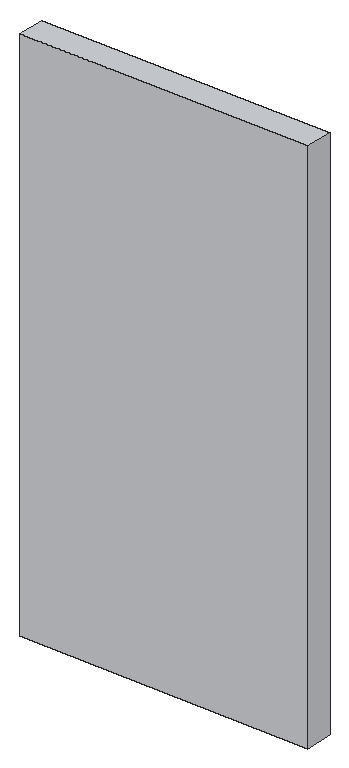
Revit family "Lighting_Fixture-Wall-Astro-Zip", category Lighting Fixtures, host Face, Revit 2016
Family settings
  Host = Face
  Part Type = Normal
  Round Connector Dimension = Use Diameter
  OmniClass Number = 23.80.70.00
  OmniClass Title = Lighting
  Cut with Voids When Loaded = No
  Light Source = No
  Shared = No
  Room Calculation Point = No
Parameters (values of type "Type 1")
  Width = 300.00 mm
  Weight = "1.0 kg"
  Wattage Comments = "3x1"
  Voltage = 230 V
  URL = "www.astrolighting.co.uk"
  Type Comments = "- Includes integral electronic LED driver"
  Suitable for bathroom zone = "zone 2, 3"
  Product Documentation = "http://www.astrolighting.co.uk/products\r\n/kw/7009/7009_Zip"
  Number of Poles = 1
  Mountable on normally flammable surfaces = "Yes"
  Model = "7009 Zip"
  Manufacturer = "Astro Lighting Ltd, CM20 2DP"
  Luminaire Lamp Efficiency Rating = "A"
  Light Source From Wall = 207.00 mm
  Light Source Elevation = 1610.00 mm
  Light Angle [instance] = 90.00°
  Length = 230.00 mm
  Lamp included = "Yes"
  Lamp = "LED"
  IP Rating = "IP44"
  Height = 40.00 mm
  Energy Efficiency Rating = "A"
  Dimmable = "No"
  Description = "Mirror Light"
  Default Elevation [instance] = 1700.00 mm
  Class = 2
  Casing Material = Astro - Steel - Chrome Finish
  Manufacturer Contact = "01279 427001"
  Assembly Code = "D5020200"
  Apparent Load = 4.2 VA
  Angle [instance] = if(or(Light Angle < 0.00°, Light Angle = 0.00°), 0.00°, if(or(Light Angle > 135.00°, Light Angle = 135.00°), 135.00°, if(Light Angle = 90.00°, 90.01°, if(or(Light Angle < 135.00°, Light Angle > 0.00°), Light Angle, 67.50°))))  # 90.01°
Reference planes
  plane 1: y = -75
  plane 2 "Light Source Axis (L/R)": x = 125
  plane 3 "Light Source Axis (F/R)": y = 207
  plane 4 "Light Source Elevation": z = 1610
  plane 5: y = -150
  plane 6 "Center (Elevation)": z = 1600
  plane 7: z = 0
  plane 8 "Top": z = 1620
  plane 9 "Bottom": z = 1580
  plane 10 "Left": x = 275
  plane 11 "Right": x = -25
  plane 12 "Front": y = 230
  plane 13: y = 0
  plane 14: x = 105
  plane 15: x = 145
  plane 16: x = 45
  plane 17: x = 205
  plane 18: y = 30
  plane 19: z = 1610
  plane 20: z = 1605
  plane 21: y = 172.893
  plane 22: z = 1616
Forms (mm)
  Extrusion 1, solid
    sketch origin (140, -150, 1500) x (0, 0, 1) y (1, 0, 0)
      loop
        line (-1500, -800) -> (1500, -800) -> (1500, 800) -> (-1500, 800) -> (-1500, -800)
    from 0 to 150
  Extrusion 2, solid, material "Astro - Steel - Chrome Finish" <- "Casing Material"
    sketch origin (125, 0, 0) x (0, 1, 0) y (0, 0, 1)
      loop
        line (165, 1620) -> (30, 1620) -> (30, 1612) -> (165, 1612) -> (165, 1620)
    from -20 to 20
  Extrusion 3, solid, material "Astro - Steel - Chrome Finish" <- "Casing Material"
    sketch origin (0, 207, 0) x (1, 0, 0) y (0, 0, 1)
      loop
        line (205, 1620) -> (45, 1620) -> (45, 1580) -> (205, 1580) -> (205, 1620)
    from 177 to 207
  Extrusion 4, solid, material "Astro - Acrylic - White"
    sketch origin (125, 0, 0) x (0, 1, 0) y (0, 0, 1)
      loop
        line (173, 1620) -> (165, 1620) -> (165, 1612) -> (173, 1612)
        arc (173, 1612) -> (177, 1616) -> (173, 1620) r 4
    from -20 to 20
  Extrusion 5, void
    sketch origin (1573.638, 225, 1600) x (0, 1, 0) y (1, 0, 0)
      loop
        line (-56, -1528.638) -> (-41, -1528.638) -> (-41, -1461.138) -> (-56, -1461.138) -> (-56, -1528.638)
      loop
        line (-56, -1436.138) -> (-41, -1436.138) -> (-41, -1368.638) -> (-56, -1368.638) -> (-56, -1436.138)
    from -20 to -5
  Extrusion 6, void
    sketch origin (0, 207, 0) x (1, 0, 0) y (0, 0, 1)
      loop
        line (157.5, 1618) -> (92.5, 1618) -> (92.5, 1598) -> (157.5, 1598) -> (157.5, 1618)
    from 195.268 to 207
  Extrusion 7, solid, material "Default", not visible
    sketch origin (0, 207, 0) x (1, 0, 0) y (0, 0, 1)
      loop
        line (157.5, 1598) -> (157.5, 1618) -> (92.5, 1618) -> (92.5, 1598) -> (157.5, 1598)
    from 195.268 to 207
  Extrusion 8, solid, material "Astro - Steel - Chrome Finish" <- "Casing Material"
    sketch origin (125, 172.893, 1616) x (0, 1, 0.000175) y (1, 0, 0)
      loop
        line (57, -150) -> (57, 150) -> (11, 150) -> (11, -150) -> (57, -150)
    from -4 to 6
  Extrusion 9, solid, material "Astro - Acrylic - White"
    sketch origin (125, 172.893, 1616) x (0, 1, 0.000175) y (1, 0, 0)
      loop
        line (57, -150) -> (57, 150) -> (11, 150) -> (11, -150) -> (57, -150)
    from 6.006 to 11.006
  Extrusion 10, void
    sketch origin (125, 172.893, 1616) x (0, -1, -0.000175) y (1, 0, 0)
      loop
        line (-52, -145) -> (-16, -145) -> (-16, 145) -> (-52, 145) -> (-52, -145)
    from -8.805 to 1.06
  Extrusion 11, solid, material "Astro - Steel - Chrome Finish" <- "Casing Material"
    sketch origin (125, 172.893, 1616) x (0, 1, 0.000175) y (0, -0.000175, 1)
      loop
        line (0.107, -4) -> (10.999, -4.002) -> (11, 4) -> (0.108, 4.002)
        arc (0.108, 4.002) -> (-3.893, 0.002) -> (0.107, -4) r 4.001
    from -20 to 20
  Extrusion 12, void
    sketch origin (125, 172.893, 1616) x (0, -1, -0.000175) y (1, 0, 0)
      loop
        line (-4.107, -12.5) -> (7.892, -12.5) -> (7.892, 12.544) -> (-4.107, 12.544) -> (-4.107, -12.5)
    from -6 to 4
Cuts and joins
  Extrusion 5, Extrusion 6 cuts Extrusion 4
  Extrusion 6, Extrusion 12 cuts Extrusion 2
  Extrusion 6 cuts Extrusion 3
  Extrusion 10 cuts Extrusion 8
  Extrusion 10 cuts Extrusion 9
  Extrusion 12 cuts Extrusion 11
Lines and regions (mm)
  reference lines
    curve 1: line (125, 172.893, 1616) -> (125, 327.893, 1616.027)
Text (mm)
  text "Placement side" at (-1787.139, 1116.779, 0), in view "Ref. Level"
  text "Placement side" at (0, 2110.396, 2986.058), in view "Left"
  text "Placement side" at (0, 628.478, 3011.967), in view "Right"
Dimensions and locks
  equal spacing: plane 9 "Bottom", plane 6 "Center (Elevation)", plane 8 "Top"
  "Height": plane 9 "Bottom" to plane 8 "Top"
  equal spacing: plane 11 "Right", plane 2 "Light Source Axis (L/R)", plane 10 "Left"
  "Width": plane 11 "Right" to plane 10 "Left"
  locked: plane 1 to plane 13 at 75
  "Length": plane 12 "Front" to plane 13
  "Light Source From Wall": plane 3 "Light Source Axis (F/R)" to plane 13
  "Light Source Elevation": plane 7 to plane 4 "Light Source Elevation"
  equal spacing: plane 14, plane 2 "Light Source Axis (L/R)", plane 15
  equal spacing: plane 16, plane 2 "Light Source Axis (L/R)", plane 17
  locked: plane 16 to plane 17 at 160
  locked: plane 14 to plane 15 at 40
  locked: plane 18 to plane 13 at 30
  locked: plane 20 to plane 8 "Top" at 15
  locked: plane 19 to plane 8 "Top" at 10
  locked: plane 8 "Top" to Extrusion 2 sketch curve at 8
  locked: Extrusion 2 sketch curve to plane 13 at 165
  locked: plane 8 "Top" to Extrusion 4 sketch curve at 8
  locked: plane 12 "Front" to Extrusion 4 sketch curve at 65
  locked: Extrusion 5 sketch curve to plane 12 "Front" at 61  (x2)
  Extrusion 5 sketch curve to Extrusion 5 sketch curve = 25.00 mm
  Extrusion 6 sketch curve to Extrusion 6 sketch curve = 65.00 mm
  Extrusion 6 sketch curve to Extrusion 6 sketch curve to plane 8 "Top" = 20.00 mm locked, 2.00 mm locked
  Extrusion 7 sketch curve to plane 2 "Light Source Axis (L/R)" to Extrusion 7 sketch curve = 32.50 mm locked, 32.50 mm locked
  Extrusion 7 sketch curve to Extrusion 7 sketch curve to plane 8 "Top" = 20.00 mm locked, 2.00 mm locked
  Extrusion 8 sketch curve to curve 1 to Extrusion 8 sketch curve = 150.00 mm locked, 150.00 mm locked
  locked: curve 1 to Extrusion 8 sketch curve at 57
  locked: Extrusion 8 sketch curve to curve 1 at 11
  locked: curve 1 to Extrusion 9 sketch curve at 57
  locked: Extrusion 9 sketch curve to curve 1 at 11
  Extrusion 9 sketch curve to curve 1 to Extrusion 9 sketch curve = 150.00 mm locked, 150.00 mm locked
  locked: curve 1 to Extrusion 10 sketch curve at 52
  locked: Extrusion 10 sketch curve to curve 1 at 16
  Extrusion 10 sketch curve to curve 1 to Extrusion 10 sketch curve = 145.00 mm locked, 145.00 mm locked
  locked: curve 1 to Extrusion 12 sketch curve at 4.107
  locked: curve 1 to Extrusion 12 sketch curve at 7.892
  "Angle": angle curve 1 to plane 21
  aligned and locked: Extrusion 2 sketch curve to plane 18
  aligned and locked: Extrusion 2 sketch curve to plane 8 "Top"
  aligned and locked: Extrusion 2 to plane 14
  aligned and locked: plane 15 to Extrusion 2
  aligned and locked: plane 8 "Top" to Extrusion 3 sketch curve
  aligned and locked: plane 17 to Extrusion 3 sketch curve
  aligned and locked: Extrusion 3 sketch curve to plane 9 "Bottom"
  aligned and locked: Extrusion 3 sketch curve to plane 16
  aligned and locked: Extrusion 3 to plane 13
  aligned and locked: Extrusion 3 to plane 18
  aligned and locked: plane 8 "Top" to Extrusion 3
  aligned and locked: Extrusion 4 to plane 14
  aligned and locked: plane 15 to Extrusion 4
  aligned and locked: plane 17 to Extrusion 5 sketch curve
  aligned and locked: Extrusion 5 sketch curve to plane 16
  aligned and locked: plane 8 "Top" to Extrusion 5
  aligned and locked: plane 20 to Extrusion 5
  aligned and locked: Extrusion 7 to plane 13
  aligned and locked: plane 22 to curve 1
  aligned and locked: plane 21 to curve 1
Automatic sketch dimensions
  Extrusion 1 sketch curve to Extrusion 1 sketch curve = 3000.00 mm
  Extrusion 1 sketch curve to Extrusion 1 sketch curve = 1600.00 mm
  Extrusion 4 sketch curve to plane 8 "Top" = 0.00 mm
  Extrusion 4 sketch curve to Extrusion 4 sketch curve = 8.00 mm
  Extrusion 5 sketch curve to plane 21 = 11.107 mm  (x2)
  Extrusion 11 sketch curve to curve 1 = 0.001 mm
  curve 1 to Extrusion 11 sketch curve = 0.107 mm  (x2)
  curve 1 to Extrusion 11 sketch curve = 0.108 mm
  curve 1 to Extrusion 11 sketch curve = 4.002 mm
  Extrusion 11 sketch curve to Extrusion 11 sketch curve = 10.892 mm
  Extrusion 11 sketch curve to curve 1 = 4.00 mm
  Extrusion 12 sketch curve to curve 1 = 12.50 mm
  curve 1 to Extrusion 12 sketch curve = 12.544 mm
Nested families
  nested 1: "Family1" at (125, 206.022, 1607.201) x (0, -1, -0.0002) z (0, -0.0002, 1), type "Family1"
  nested 2: "Family1" at (10, 205.564, 1607.201) x (0, -1, -0.0002) z (0, -0.0002, 1), type "Family1"
  nested 3: "Family1" at (230, 201.508, 1607.2) x (0, -1, -0.0002) z (0, -0.0002, 1), type "Family1"
Connectors
  electrical at (125, 0, 1608), driven by "Number of Poles", driven by "Voltage", driven by "Apparent Load"
    settings: on Extrusion 7, index 1, voltage 230 V, apparent load 0 VA, apparent load phase1 4.2 VA, apparent load phase2 0 VA, apparent load phase3 0 VA, power factor 1, load classification "Other", number of poles 1, system type 31, power factor state 1, is connector primary yes, connector utility no, sub classification motor no, connector description ""
Definition of nested family "Family1"
  Parameters
    Wattage = 9.2903 W
    built-in parameter 1150110 = 1 (stored number, unit not read)
    built-in parameter 1114217 = 1 (stored number, unit not read)
    Tilt Angle = -90.00°
    built-in parameter 1150109 = 1 (stored number, unit not read)
    built-in parameter 1150134 = 3
    built-in parameter 1150113 = 1 (stored number, unit not read)
    Photometric Web File = "7009 ZIP LED.ies"
    built-in parameter 1150105 = 109.82 (stored number, unit not read)
    Lumens = 1380 lm
    built-in parameter 1150115 = 1 (stored number, unit not read)
    built-in parameter 1150137 = (empty or 0)
    built-in parameter 1150139 = (empty or 0)
    built-in parameter 1150112 = 1 (stored number, unit not read)
    built-in parameter 1150114 = 1 (stored number, unit not read)
    built-in parameter 1150132 = (empty or 0)
    built-in parameter 1150102 = (empty or 0)
    built-in parameter 1150107 = 3200 (stored number, unit not read)
    built-in parameter 1150138 = (empty or 0)
    built-in parameter 1150106 = 1.0982 (stored number, unit not read)
    built-in parameter 1150104 = 13.8 (stored number, unit not read)
    Dimming Lamp Color Temperature Shift = (empty or 0)
    Default Elevation = 1219.20 mm
    Color Filter = 16777215
    built-in parameter 1114218 = 1 (stored number, unit not read)
    built-in parameter 1150133 = 10 (stored number, unit not read)
  Reference planes
    plane 1 "Center (Front/Back)": y = 0
    plane 2: z = 0
    plane 3 "Center (Left/Right)": x = 0
  Forms (mm)
    Extrusion 1, solid
      sketch origin (0, 0, 0) x (1, 0, 0) y (0, 1, 0)
        loop
          line (-1219.2, 1219.2) -> (-1219.2, -1219.2) -> (1219.2, -1219.2) -> (1219.2, 1219.2) -> (-1219.2, 1219.2)
      from 0 to -304.8
  Dimensions and locks
    aligned and locked: plane 2 to Extrusion 1
    aligned and locked: level to Extrusion 1
